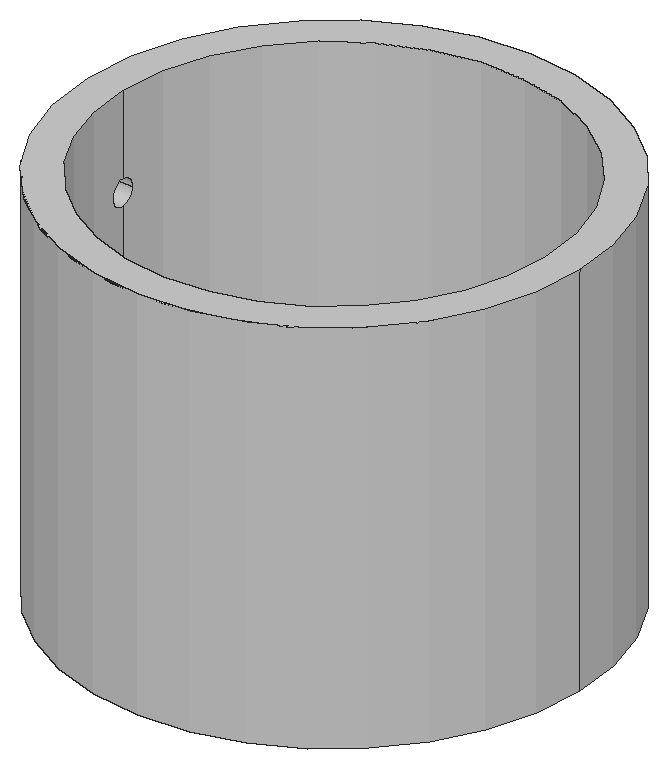
Revit family "KOD 10.9", category Фундамент несущей конструкции, Revit 2025
Family settings
  Материал для поведения модели = Прочее
  Заглушка = Нет
  Номер OmniClass = 23.25.05.00
  Заголовок OmniClass = Foundations
  На основе рабочей плоскости = Нет
  Всегда вертикально = Да
  При загрузке вырезать с полостями = Нет
  Общий = Нет
  Показывать семейство разрезанным на планах = Да
Parameters
  Петля = Петля_П1_П2 : П2
Reference planes
  plane 1 "По центру (Вперед/Назад)": y = -35
  plane 2: z = 0
  plane 3 "По центру (Влево/Вправо)": x = 0
  plane 4: z = 890
  plane 5: z = 370
  plane 6: x = -500
  plane 7: x = 500
  plane 8: x = -570
  plane 9: x = 570
  plane 10: z = 400
  plane 11: z = 340
  plane 12 "2": y = -65
  plane 13 "3": y = -5
  plane 14: x = -580
  plane 15: x = 580
  plane 16: z = 100
  plane 17: z = 675
  plane 18: z = 705
  plane 19: z = 645
Forms (mm)
  Extrusion 1, solid, material "Бетон В15"
    sketch origin (0, 0, 0) x (1, 0, 0) y (0, 1, 0)
      loop
        circle (0, -35) r 580
      loop
        circle (0, -35) r 500
    from 0 to 890
  Extrusion 2, void
    sketch origin (0, 0, 0) x (0, 1, 0) y (0, 0, -1)
      loop
        circle (-35, -370) r 30
    from -570 to 570
  Extrusion 3, solid, material "Бетон В15"
    sketch origin (0, 0, 0) x (1, 0, 0) y (0, 1, 0)
      loop
        circle (0, -35) r 500
    from 0 to 100
  Extrusion 4, void
    sketch origin (0, 0, 305) x (0, 1, 0) y (0, 0, -1)
      loop
        circle (-35, -370) r 30
    from -570 to 570
Cuts and joins
  Extrusion 2, Extrusion 4 cuts Extrusion 1
  Extrusion 4 cuts Extrusion 3
  joined: Extrusion 1, Extrusion 3
Dimensions and locks
  plane 4 to level = 890 mm
  plane 5 to level = 370 mm
  plane 17 to plane 5 = 305 mm
  aligned and locked: plane 2 to level
